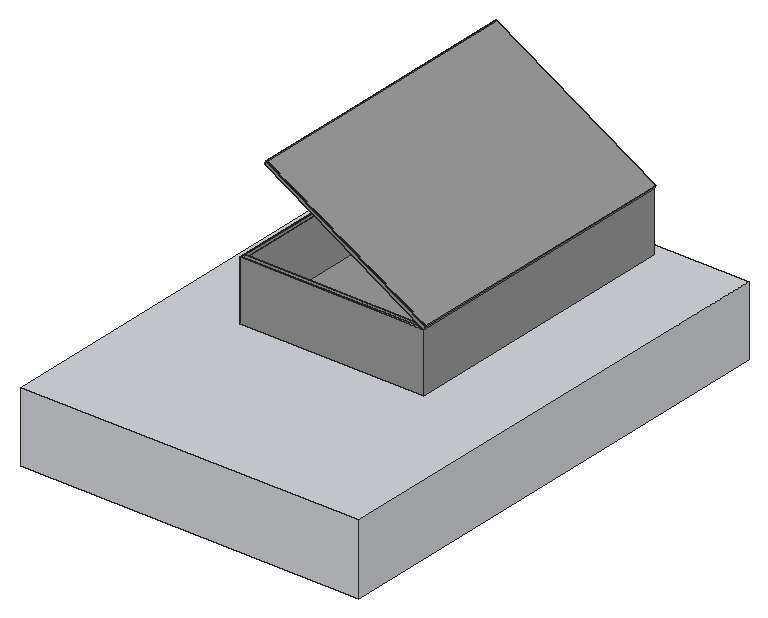
Revit family "Hager-Univers-IP55-D275-H1250-Cl.II-Steel_encl-BE-fr", category Equipement électrique, Revit 2020
Family settings
  Hôte = Face
  Configuration du panneau = Deux colonnes, circuits au sein
  Cote de connecteur circulaire = Utiliser le diamètre
  Type d'élément = Tableau de raccordement
  Couper avec des vides une fois chargée = Non
  Partagée = Non
  Point de calcul de pièce = Non
Parameters (values of type "saillie IP55 L800 H1250 P275  - FR83S")
  Width Control [instance] = if([EF000008 - largeur] > Min Width, [EF000008 - largeur], Min Width)  # 800 mm
  Commentaires du type = [HG000003 - Gamme]  # "Univers"
  Thickness Door [instance] = if([EF009171 - épaisseur de matériau de la porte/du couvercle] > 3 mm, 3 mm, [EF009171 - épaisseur de matériau de la porte/du couvercle])  # 1.5 mm
  Seal Frame Offset [instance] = 17 mm  # constant formula
  Plinth Visibility [instance] = [HG000027 - Hauteur du socle] > 0 mm  # no
  Model = ""
  Min Width [instance] = 100 mm  # constant formula
  Min Height [instance] = 100 mm  # constant formula
  Min Depth [instance] = (2 * [EF009170 - épaisseur de matériau du boîtier]) + 1 mm  # 4 mm
  Internal Frame Depth [instance] = (Door System Depth * 0.5)  # 9 mm
  Height Control [instance] = if([EF000040 - hauteur] > Min Height, [EF000040 - hauteur], Min Height)  # 1250 mm
  HG000027 - Hauteur du socle = 0 mm
  HG000026 - Installation au sol = no
  HG000024 - Hauteur de la section basse = 800 mm
  HG000023 - Armoire double section = no
  HG000016 - Visibilité de la porte 3D [instance] = yes
  HG000015 - Visibilité de l'emprise de la porte [instance] = no
  HG000014 - Porte à droite [instance] = yes
  HG000013 - Porte à gauche [instance] = not([HG000014 - Porte à droite])  # no
  HG000012 - Angle de pivotement de la porte [instance] = 30.00°
  HG000010 - Portes asymétriques = no
  HG000009 - Porte à double battant = no
  HG000006 - Encastré = no
  HG000004 - Référence fabricant = "FR83S"
  HG000003 - Gamme = "Univers"
  HG000002 - avec porte = yes
  Frame Offset Bottom [instance] = 10 mm  # constant formula
  Frame Offset [instance] = 15 mm  # constant formula
  EF015940 - couvercle avec décharge de pression = no
  EF011959 - degré de protection (NEMA) = ""
  EF009554 - nombre d'ouvertures pour plaques à bride = 6
  Fabricant = "Hager"  # constant formula
  EF009212 - finition du couvercle = "EV000116 - fermé"
  EF009171 - épaisseur de matériau de la porte/du couvercle = 1.5 mm
  EF009170 - épaisseur de matériau du boîtier = 1.5 mm
  EF008873 - courant nominal (In) = 800 A
  EF007800 - adapté à un parafoudre = no
  EF006306 - avec serrure = no
  EF006244 - couvercle/porte transparent(e) = no
  EF005474 - indice de protection (IP) = "EV006420 - IP55"
  EF004464 - type de porte = "EV002646 - unique"
  EF004427 - nombre de modules = 288
  EF004293 - indice de protection contre les chocs (IK) = "EV008784 - IK10"
  EF003532 - convient pour utilisation à l’extérieur = no
  EF002950 - largeur en nombre de modules = 24
  EF001613 - maintien de fonction = "EV000494 - sans"
  EF001596 - matériau du boîtier/corps = "EV000179 - acier"
  EF001131 - profondeur intérieure = 275 mm
  EF001088 - possibilité de montage en saillie = yes
  EF000437 - nombre d'entrées de conduit = 6
  EF000339 - type de capot = "EV004216 - porte"
  EF000266 - nombre de rangées = 8
  EF000218 - profondeur d'encastrement = 0 mm
  EF000118 - avec cadre/support de montage = no
  EF000116 - numéro RAL = "7035"
  EF000049 - profondeur = 275 mm
  EF000040 - hauteur = 1250 mm
  EF000008 - largeur = 800 mm
  EF000007 - couleur = "EV000270 - gris"
  EF000003 - mode de pose = "EV000384 - saillie"
  Door System Leaf Tolerance [instance] = 1.5 mm  # constant formula
  Door System Depth [instance] = 18 mm  # constant formula
  Door Height [instance] = Height Control - [HG000027 - Hauteur du socle]  # 1250 mm
  Depth Control [instance] = if([EF000049 - profondeur] > Min Depth, [EF000049 - profondeur], Min Depth)  # 275 mm
  Default Elevation = 0 mm
  Connector Offset [instance] = Height Control / 2  # 625 mm
  Bottom Top Plate Trim [instance] = 1.5 mm  # constant formula
  Plinth height Ctrl [instance] = if([HG000027 - Hauteur du socle] > 0 mm, [HG000027 - Hauteur du socle], 12 mm)  # 12 mm
Types (5, lengths in mm): name | Width Control | HG000010 - Portes asymétriques | HG000009 - Porte à double battant | HG000004 - Référence fabricant | EF009554 - nombre d'ouvertures pour plaques à bride | EF004464 - type de porte | EF004427 - nombre de modules | EF000437 - nombre d'entrées de conduit | EF000008 - largeur
  saillie IP55 L1050 H1250 P275  - FR84S | 1050 | no | yes | "FR84S" | 8 | "EV003602 - double" | 384 | 8 | 1050
  saillie IP55 L1300 H1250 P275  - FR85S | 1300 | yes | yes | "FR85S" | 10 | "EV003602 - double" | 480 | 10 | 1300
  saillie IP55 L300 H1250 P275  - FR81S | 300 | no | no | "FR81S" | 2 | "EV002646 - unique" | 96 | 2 | 300
  saillie IP55 L550 H1250 P275  - FR82S | 550 | no | no | "FR82S" | 4 | "EV002646 - unique" | 192 | 4 | 550
  saillie IP55 L800 H1250 P275  - FR83S | 800 | no | no | "FR83S" | 6 | "EV002646 - unique" | 288 | 6 | 800
Reference planes
  plane 1 "Center (Front/Back)": y = 0
  plane 2: z = 0
  plane 3 "Center (Left/Right)": x = 0
  plane 4: z = 275
  plane 5: y = 1.5
  plane 6: y = 625
  plane 7: y = 0
  plane 8: y = 1250
  plane 9: z = 0
  plane 10: x = -385
  plane 11: x = 385
  plane 12: x = 383.5
  plane 13: x = -383.5
  plane 14: y = 1248.5
  plane 15: x = -383
  plane 16: x = -400
  plane 17: x = 383
  plane 18: x = 400
  plane 19: x = 398.5
  plane 20: x = -398.5
  plane 21: y = 11.5
  plane 22: y = 1250
  plane 23: y = 1233.5
  plane 24: z = 257
  plane 25: z = 1.5
  plane 26: z = 255.5
  plane 27: z = 273.5
Forms (mm)
  Extrusion 1, solid
    sketch origin (0, 0, 0) x (1, 0, 0) y (0, 1, 0)
      loop
        line (-702.964, 1305) -> (-702.964, -811.445) -> (766.763, -811.445) -> (766.763, 1305) -> (-702.964, 1305)
    from 0 to -304.8
  Extrusion 2, solid, material "Hager_Steel_RAL7035_Light_Grey", visible <- "Plinth Visibility", detail levels medium+fine
    sketch origin (0, 0, 0) x (1, 0, 0) y (0, 1, 0)
      loop
        line (-400, 0) -> (400, 0) -> (400, 12) -> (-400, 12) -> (-400, 0)
    from 0 to 257
  Extrusion 3, solid, material "Hager_Steel_RAL7035_Light_Grey", detail levels medium+fine
    sketch origin (0, 0, 0) x (1, 0, 0) y (0, 1, 0)
      loop
        line (-400, 0) -> (400, 0) -> (400, 1250) -> (-400, 1250) -> (-400, 0)
    from 0 to 257
  Extrusion 4, void
    sketch origin (0, 0, 0) x (1, 0, 0) y (0, 1, 0)
      loop
        line (-398.5, 1.5) -> (398.5, 1.5) -> (398.5, 1248.5) -> (-398.5, 1248.5) -> (-398.5, 1.5)
    from 1.5 to 255.5
  Extrusion 5, void
    sketch origin (-381.607, -4572, 257) x (0, -1, 0) y (-1, 0, 0)
      loop
        line (-4583.5, 1.893) -> (-5805.5, 1.893) -> (-5805.5, -765.107) -> (-4583.5, -765.107) -> (-4583.5, 1.893)
    from 0 to 1.5 <- "EF009170 - épaisseur de matériau du boîtier"
  Extrusion 6, solid, material "Hager_Steel_RAL7035_Light_Grey", detail levels fine
    sketch origin (0, 0, 257) x (1, 0, 0) y (0, 1, 0)
      loop
        line (-383.5, 1233.5) -> (-383.5, 11.5) -> (383.5, 11.5) -> (383.5, 1233.5) -> (-383.5, 1233.5)
      loop
        line (-385, 10) -> (385, 10) -> (385, 1235) -> (-385, 1235) -> (-385, 10)
    from 0 to 9 <- "Internal Frame Depth"
  Extrusion 7, solid, material "Hager_Steel_RAL7035_Light_Grey", detail levels coarse
    sketch origin (0, 0, 0) x (1, 0, 0) y (0, 1, 0)
      loop
        line (-400, 0) -> (400, 0) -> (400, 1250) -> (-400, 1250) -> (-400, 0)
    from 0 to 275
  Sweep 8, void
    path in 3D
      loop
        line (-400, 12, 0) -> (400, 12, 0) -> (400, 12, 257) -> (-400, 12, 257) -> (-400, 12, 0)
    profile origin (-400, 12, 128.5) x (-1, 0, 0) y (0, -1, 0)
      loop
        line (0, 0) -> (0, 1.5) -> (-1.5, 1.5)
        arc (-1.5, 1.5) -> (-1.061, 0.439) -> (0, 0) r 1.5
Cuts and joins
  Extrusion 4, Extrusion 5 cuts Extrusion 3
  Sweep 8 cuts Extrusion 2
Lines and regions (mm)
  Masking region 1
    outline origin (0, 0, 0) x (1, 0, 0) y (0, 0, 1)
      loop
        line (-400, 275) -> (-400, 0) -> (400, 0) -> (400, 275) -> (-400, 275)
  Masking region 2, detail levels medium+fine
    outline origin (0, 140, 0) x (0, 1, 0) y (0, 0, 1)
      loop
        line (-140, 0) -> (1110, 0) -> (1110, 257) -> (-140, 257) -> (-140, 0)
  Masking region 3, not visible, detail levels medium+fine
    outline origin (0, 297.922, 0) x (0, 1, 0) y (0, 0, 1)
      loop
        line (338.578, 0) -> (378.578, 0) -> (378.578, 263.5)
        arc (378.578, 263.5) -> (375.649, 270.571) -> (368.578, 273.5) r 10
        line (368.578, 273.5) -> (338.578, 273.5) -> (338.578, 0)
  Masking region 4, detail levels coarse
    outline origin (0, 0, 180) x (0, 1, 0) y (0, 0, 1)
      loop
        line (0, -180) -> (1250, -180) -> (1250, 95) -> (0, 95) -> (0, -180)
  Masking region 5, visible <- "Plinth Visibility", detail levels medium+fine
    outline origin (0, 52.24, 12.345) x (0, 0, -1) y (0, 1, 0)
      loop
        line (10.845, -40.24) -> (-243.155, -40.24)
        arc (-243.155, -40.24) -> (-243.594, -41.301) -> (-244.655, -41.74) r 1.5
        line (-244.655, -41.74) -> (-244.655, -52.24) -> (12.345, -52.24) -> (12.345, -41.74)
        arc (12.345, -41.74) -> (11.285, -41.301) -> (10.845, -40.24) r 1.5
  Masking region 6, detail levels medium+fine
    outline origin (-381.607, -4572, 257) x (-1, 0, 0) y (0, -1, 0)
      loop
        line (18.393, -5822) -> (18.393, -4572) -> (-781.607, -4572) -> (-781.607, -5822) -> (18.393, -5822)
  Masking region 7, visible <- "Plinth Visibility", detail levels medium+fine
    outline origin (-381.607, -4727, 257) x (-1, 0, 0) y (0, -1, 0)
      loop
        arc (16.893, -4739) -> (17.332, -4737.939) -> (18.393, -4737.5) r 1.5
        line (18.393, -4737.5) -> (18.393, -4727) -> (-781.607, -4727) -> (-781.607, -4737.5)
        arc (-781.607, -4737.5) -> (-780.546, -4737.939) -> (-780.107, -4739) r 1.5
        line (-780.107, -4739) -> (16.893, -4739)
  Masking region 8, detail levels coarse
    outline origin (-442.548, -4669.526, 257) x (-1, 0, 0) y (0, -1, 0)
      loop
        line (-42.548, -5919.526) -> (-42.548, -4669.526) -> (-842.548, -4669.526) -> (-842.548, -5919.526) -> (-42.548, -5919.526)
  sketch lines
    curve 1: line (-400, 12, 257) -> (-400, 12, 0)
    curve 2: line (400, 12, 257) -> (-400, 12, 257)
    curve 3: line (400, 12, 257) -> (400, 12, 0)
    curve 4: line (-400, 12, 0) -> (400, 12, 0)
Dimensions and locks
  "Depth Control": plane 4 to Extrusion 1
  "HG000027 - Hauteur du socle": plane 1 "Center (Front/Back)" to plane 7
  "EF009170 - épaisseur de matériau du boîtier": plane 5 to plane 7
  locked: connector elem to plane 3 "Center (Left/Right)"
  equal spacing: plane 8, plane 6, plane 7
  locked: connector elem to plane 6
  "EF009170 - épaisseur de matériau du boîtier": plane 8 to plane 14
  "EF009170 - épaisseur de matériau du boîtier": plane 10 to plane 13
  "EF009170 - épaisseur de matériau du boîtier": plane 12 to plane 11
  "Frame Offset": plane 20 to plane 13
  "Frame Offset": plane 12 to plane 19
  "EF009170 - épaisseur de matériau du boîtier": plane 16 to plane 20
  "EF009170 - épaisseur de matériau du boîtier": plane 19 to plane 18
  "Seal Frame Offset": plane 16 to plane 15
  "Seal Frame Offset": plane 17 to plane 18
  "Frame Offset Bottom": plane 21 to plane 5
  "Frame Offset": plane 14 to plane 23
  equal spacing: plane 16, plane 3 "Center (Left/Right)", plane 18
  "Width Control": plane 16 to plane 18
  "EF009170 - épaisseur de matériau du boîtier": plane 4 to plane 27
  "EF009170 - épaisseur de matériau du boîtier": plane 24 to plane 26
  "EF009170 - épaisseur de matériau du boîtier": plane 25 to level
  "Door System Depth": plane 4 to plane 24
  "Height Control": plane 1 "Center (Front/Back)" to Extrusion 7 sketch curve
  "Height Control": Masking region 4 sketch curve to plane 1 "Center (Front/Back)"
  "Height Control": plane 1 "Center (Front/Back)" to plane 22
  "Bottom Top Plate Trim": profile plane to Sweep 8 sketch curve
  "Bottom Top Plate Trim": Sweep 8 sketch curve to profile plane
  "Plinth height Ctrl": plane 1 "Center (Front/Back)" to Extrusion 2 sketch curve
  "Plinth height Ctrl": Masking region 5 sketch curve to plane 1 "Center (Front/Back)"
  "Plinth height Ctrl": plane 1 "Center (Front/Back)" to Masking region 7 sketch curve
  "Thickness Door": Extrusion 6 sketch curve to Extrusion 6 sketch curve  (x3)
  "Thickness Door": cut or joined group of Extrusion 3, Extrusion 4, Extrusion 5 to Extrusion 6 sketch curve
  radius of Masking region 3 sketch curve = 10 mm
  "Bottom Top Plate Trim": radius of Masking region 5 sketch curve  (x2)
  "Bottom Top Plate Trim": radius of Sweep 8 sketch curve
  "Bottom Top Plate Trim": radius of Masking region 7 sketch curve  (x2)
  aligned and locked: plane 2 to Extrusion 1
  aligned and locked: level to Extrusion 1
  aligned and locked: level to Masking region 1 sketch curve
  aligned and locked: Masking region 1 sketch curve to plane 18
  aligned and locked: Masking region 1 sketch curve to plane 16
  aligned and locked: plane 7 to Masking region 2 sketch curve
  aligned and locked: level to Masking region 3 sketch curve
  aligned and locked: Masking region 3 sketch curve to plane 27
  aligned and locked: level to Masking region 2 sketch curve
  aligned and locked: plane 1 "Center (Front/Back)" to Extrusion 2 sketch curve
  aligned and locked: Extrusion 3 sketch curve to plane 7
  aligned and locked: plane 16 to Extrusion 3 sketch curve
  aligned and locked: plane 18 to Extrusion 3 sketch curve
  aligned and locked: plane 20 to Extrusion 4 sketch curve
  aligned and locked: plane 19 to Extrusion 4 sketch curve
  aligned and locked: Extrusion 4 sketch curve to plane 5
  aligned and locked: Extrusion 4 to plane 25
  aligned and locked: plane 26 to Extrusion 4
  aligned and locked: plane 24 to Extrusion 3
  aligned and locked: Extrusion 5 sketch curve to plane 21
  aligned and locked: Extrusion 5 sketch curve to plane 13
  aligned and locked: Extrusion 5 sketch curve to plane 12
  aligned and locked: plane 18 to Extrusion 7 sketch curve
  aligned and locked: plane 1 "Center (Front/Back)" to Extrusion 7 sketch curve
  aligned and locked: plane 16 to Extrusion 7 sketch curve
  aligned and locked: plane 4 to Extrusion 7
  aligned and locked: Extrusion 7 to level
  aligned and locked: level to Masking region 4 sketch curve
  aligned and locked: Masking region 4 sketch curve to plane 1 "Center (Front/Back)"
  aligned and locked: Masking region 4 sketch curve to plane 4
  aligned and locked: nested 1 to level
  aligned and locked: nested 1 to plane 16
  aligned and locked: plane 8 to Extrusion 3 sketch curve
  aligned and locked: plane 23 to Extrusion 5 sketch curve
  aligned and locked: plane 14 to Extrusion 4 sketch curve
  aligned and locked: Masking region 2 sketch curve to plane 8
  aligned and locked: level to Masking region 5 sketch curve
  aligned and locked: plane 16 to Extrusion 2 sketch curve
  aligned and locked: plane 18 to Extrusion 2 sketch curve
  aligned and locked: Masking region 5 sketch curve to plane 24
  aligned and locked: Masking region 2 sketch curve to plane 24
  aligned and locked: plane 24 to Extrusion 2
  aligned and locked: profile plane to Sweep 8 sketch curve  (x2)
  aligned and locked: Masking region 6 sketch curve to plane 18
  aligned and locked: Masking region 6 sketch curve to plane 22
  aligned and locked: Masking region 6 sketch curve to plane 16
  aligned and locked: plane 8 to plane 22
  aligned and locked: Masking region 6 sketch curve to plane 7
  aligned and locked: Masking region 7 sketch curve to plane 16
  aligned and locked: Masking region 7 sketch curve to plane 1 "Center (Front/Back)"
  aligned and locked: Masking region 7 sketch curve to plane 18
  aligned and locked: Masking region 8 sketch curve to plane 1 "Center (Front/Back)"
  aligned and locked: Masking region 8 sketch curve to plane 18
  aligned and locked: Masking region 8 sketch curve to plane 22
  aligned and locked: Masking region 8 sketch curve to plane 16
  aligned and locked: nested 2 to plane 7
  aligned and locked: plane 3 "Center (Left/Right)" to nested 2
  aligned and locked: nested 2 to plane 24
  aligned and locked: Extrusion 6 sketch curve to cut or joined group of Extrusion 3, Extrusion 4, Extrusion 5  (x4)
Automatic sketch dimensions
  Extrusion 1 sketch curve to Extrusion 1 sketch curve = 1469.727 mm
  Extrusion 1 sketch curve to Extrusion 1 sketch curve = 2116.445 mm
  Masking region 1 sketch curve to plane 4 = 0 mm
  plane 6 to Masking region 3 sketch curve = 11.5 mm
  Masking region 3 sketch curve to Masking region 3 sketch curve = 30 mm
  Masking region 5 sketch curve to plane 1 "Center (Front/Back)" = 0 mm
Nested families
  nested 1: "Hager_Enclosure_Symbol" at (-400, 0, 0) x (1, 0, 0) z (0, -1, 0), Height <- "Depth Control", Width <- "Width Control", type "Hager_Enclosure_Symbol"
    with Width_Ctrl 800 mm, Width 800 mm, Height_Ctrl 275 mm, Height 275 mm, A_Width_Int 18.047 mm, A_Width 216.562 mm, A_Height_Ctrl 240.625 mm, A_Height 240.625 mm
  nested 2: "EC000058_Univers_Door" at (0, 0, 257) x (1, 0, 0) z (0, 1, 0), Leaf_Tolerance <- "Door System Leaf Tolerance", Angle <- "HG000012 - Angle de pivotement de la porte", Door_Depth <- "Door System Depth", Door_Left <- "HG000013 - Porte à gauche", Transparent <- "EF006244 - couvercle/porte transparent(e)", Assymetrical <- "HG000010 - Portes asymétriques", Width <- "Width Control", Clearance <- "HG000015 - Visibilité de l'emprise de la porte", Double <- "HG000009 - Porte à double battant", 3d_Door <- "HG000016 - Visibilité de la porte 3D", Lock_Visibility <- "EF006306 - avec serrure", Width_Ctrl <- "Width Control", Door_Right <- "HG000014 - Porte à droite", Door <- "HG000002 - avec porte", Height <- "Door Height", Thickness <- "Thickness Door", type "EC000058_Univers_Door", detail levels medium+fine
    with min_wh 4 mm, Width_Ctrl 800 mm, Width 800 mm, Transparent no, Thickness 1.5 mm, Seal_Material Hager_Rubber, Lock_Visibility no, Lock_Material Hager_Plastic_RAL9005_Jet_Black, Leaf_Width 800 mm, Leaf_Tolerance_External_Sides 0 mm, Leaf_Tolerance 1.5 mm, Leaf_Offset 0 mm, Leaf_Height 1247 mm, Leaf_2_Width 800 mm, Leaf_2_Offset 400 mm, Leaf_1_Width 800 mm, Leaf_1_Offset 400 mm, Height_Ctrl 1250 mm, Height 1250 mm, Glass_Material Hager_Glass, Double_Clearance_Ctrl no, Double no, Door_Right_Ctrl yes, Door_Right yes, Door_Material Hager_Steel_RAL7035_Light_Grey, Door_Left_Ctrl no, Door_Left no, Door_Depth 18 mm, Door yes, Clearance_Material Hager_Clearance, Clearance_Depth 800 mm, Clearance_Ctrl no, Clearance no, Assymetrical no, Angle 30.00°, 3d_Door yes
Connectors
  electrical at (0, 625, 0)
    settings: on plane 9, index 1, voltage 0 V, apparent load 0 VA, apparent load phase1 0 VA, apparent load phase2 0 VA, apparent load phase3 0 VA, power factor 1, load classification "Other", number of poles 1, system type 30, power factor state 1, is connector primary yes, connector utility no, sub classification motor no, connector description ""
Definition of nested family "EC000058_Univers_Door"
  Parameters (values of type "EC000058_Univers_Door")
    min_wh [instance] = (2 * Thickness) + 1 mm  # 11 mm
    Width_Ctrl [instance] = 400 mm
    Width [instance] = 500 mm
    Transparent [instance] = yes
    Thickness [instance] = 5 mm
    Seal_Material [instance] = none
    Lock_Visibility [instance] = yes
    Lock_Material [instance] = none
    Leaf_Width [instance] = if((Width_Ctrl - 2 * Leaf_Tolerance_External_Sides) > 0 mm, (Width_Ctrl - 2 * Leaf_Tolerance_External_Sides), min_wh)  # 400 mm
    Leaf_Tolerance_External_Sides [instance] = 0 mm  # constant formula
    Leaf_Tolerance [instance] = 1.5 mm
    Leaf_Offset [instance] = 0 mm  # constant formula
    Leaf_Height [instance] = if((Height_Ctrl - 2 * Leaf_Tolerance) > 0 mm, (Height_Ctrl - 2 * Leaf_Tolerance), min_wh)  # 497 mm
    Leaf_2_Width [instance] = if(and(and(Double, Assymetrical), Door_Left), (Leaf_Width / 3) - (Leaf_Tolerance / 2), if(and(and(Double, Assymetrical), Door_Right), (Leaf_Width / 3) * 2 - (Leaf_Tolerance / 2), if(and(Double, not(Assymetrical)), (Leaf_Width / 2) - Leaf_Tolerance, Leaf_Width)))  # 400 mm
    Leaf_2_Offset [instance] = if(and(Double, Assymetrical), Leaf_2_Width / 2, if(and(Double, not(Assymetrical)), Leaf_Width / 4, Leaf_Width / 2))  # 200 mm
    Leaf_1_Width [instance] = if(and(and(Double, Assymetrical), Door_Right), (Leaf_Width / 3) - (Leaf_Tolerance / 2), if(and(and(Double, Assymetrical), Door_Left), (Width / 3) * 2 - (Leaf_Tolerance / 2), if(and(Double, not(Assymetrical)), (Leaf_Width / 2) - Leaf_Tolerance, Leaf_Width)))  # 400 mm
    Leaf_1_Offset [instance] = if(and(Double, Assymetrical), Leaf_1_Width / 2, if(and(Double, not(Assymetrical)), Leaf_Width / 4, Leaf_Width / 2))  # 200 mm
    Height_Ctrl [instance] = if(Height > min_wh, Height, min_wh)  # 500 mm
    Height [instance] = 500 mm
    Glass_Material [instance] = none
    Double_Clearance_Ctrl [instance] = and(Double, Clearance)  # no
    Double [instance] = no
    Door_Right_Ctrl [instance] = and(or(Door_Right, Double), Door)  # yes
    Door_Right [instance] = yes
    Door_Material [instance] = none
    Door_Left_Ctrl [instance] = and(or(Door_Left, Double), Door)  # no
    Door_Left [instance] = no
    Door_Depth [instance] = 30 mm
    Door [instance] = yes
    Default Elevation = 1219.2 mm
    Clearance_Material [instance] = none
    Clearance_Depth [instance] = if(Leaf_1_Width > Leaf_2_Width, Leaf_1_Width, Leaf_2_Width)  # 400 mm
    Clearance_Ctrl [instance] = and(not(Double), Clearance)  # yes
    Clearance [instance] = yes
    Assymetrical [instance] = yes
    Angle [instance] = 30.00°
    3d_Door [instance] = yes
  Reference planes
    plane 1 "Center (Front/Back)": y = 0
    plane 2 "Bottom": z = 0
    plane 3 "Center (Left/Right)": x = 0
    plane 4: z = 500
    plane 5: x = -200
    plane 6: x = 200
    plane 7: z = 500
    plane 8: x = -200
    plane 9: z = 0
    plane 10: x = 200
    plane 11: y = 0
    plane 12: z = 1.5
    plane 13: x = -600
    plane 14: y = -400
    plane 15: x = 600
    plane 16: x = 0
    plane 17: x = 0
    plane 18: x = -200
    plane 19: x = 200
    plane 20: z = 498.5
  Forms (mm)
    Extrusion 1, solid, material <- "Clearance_Material", visible <- "Double_Clearance_Ctrl"
      sketch origin (1200, 0, 0) x (1, 0, 0) y (0, 0, -1)
        loop
          line (-1800, -498.5) -> (-600, -498.5) -> (-600, 0) -> (-1800, 0) -> (-1800, -498.5)
      from 0 to -400
  Dimensions and locks
    equal spacing: plane 5, plane 3 "Center (Left/Right)", plane 6
    "Width_Ctrl": plane 5 to plane 6
    "Leaf_Offset": plane 5 to plane 8
    "Leaf_Offset": plane 6 to plane 10
    "Leaf_Offset": plane 9 to level
    "Leaf_Offset": plane 4 to plane 7
    "Height_Ctrl": plane 4 to level
    "Leaf_Tolerance": plane 12 to plane 9
    locked: plane 11 to plane 1 "Center (Front/Back)"
    "Leaf_1_Offset": plane 18 to plane 16
    "Leaf_2_Offset": plane 17 to plane 19
    "Leaf_1_Width": plane 13 to plane 8
    "Leaf_2_Width": plane 10 to plane 15
    "Clearance_Depth": plane 14 to plane 1 "Center (Front/Back)"
    "Leaf_Tolerance_External_Sides": plane 8 to plane 18
    "Leaf_Tolerance_External_Sides": plane 19 to plane 10
    "Leaf_Tolerance": plane 7 to plane 20
    aligned and locked: level to plane 2 "Bottom"
    aligned and locked: nested 1 to plane 16
    aligned and locked: nested 2 to plane 17
    aligned and locked: Extrusion 1 to plane 13
    aligned and locked: plane 15 to Extrusion 1
    aligned and locked: Extrusion 1 to plane 14
    aligned and locked: plane 12 to nested 1
    aligned and locked: nested 2 to plane 12
    aligned and locked: Extrusion 1 to plane 11
    aligned and locked: plane 20 to Extrusion 1
    aligned and locked: nested 2 to plane 11
    aligned and locked: nested 1 to plane 11
  Automatic sketch dimensions
    Extrusion 1 sketch curve to level = 0 mm
    plane 5 to Extrusion 1 sketch curve = 400 mm
    plane 6 to Extrusion 1 sketch curve = 400 mm
    Extrusion 1 sketch curve to plane 4 = 1.5 mm
  Nested families
    nested 1: "EC000058_Univers_Door_Leaf" at (0, 0, 1.5), Width <- "Leaf_1_Width", visible <- "Door_Left_Ctrl", Leaf_Height <- "Leaf_Height", Angle <- "Angle", 3d_Door <- "3d_Door", Transparent <- "Transparent", Clearance Material <- "Clearance_Material", Clearance <- "Clearance_Ctrl", Door_Material <- "Door_Material", Glass_Material <- "Glass_Material", Door_Depth <- "Door_Depth", Lock_Material <- "Lock_Material", Seal_Material <- "Seal_Material", Lock_Visibility <- "Lock_Visibility", Thickness <- "Thickness", type "EC000058_Univers_Door_Leaf"
      with Width 400 mm, Transparent_Glass_Offset 30 mm, Transparent_Ctrl yes, Transparent yes, Thickness 5 mm, Standard no, Seal_Material none, Seal_D2 8 mm, Seal_D1 1 mm, Offset_Internal_Frame 10 mm, Lock_Width 20 mm, Lock_Visibility_3d yes, Lock_Visibility yes, Lock_Thickness_3 3 mm, Lock_Thickness_2 1 mm, Lock_Thickness_1 3 mm, Lock_Radius_Offset_2 16 mm, Lock_Radius_Offset_1 15 mm, Lock_Radius_2 5 mm, Lock_Radius 6 mm, Lock_Offset 5 mm, Lock_Material none, Lock_Height 80 mm, Lock_Cover_Top_Offset_2d 17 mm, Lock_Cover_Height -65 mm, Leaf_Height 497 mm, Internal_Seal_Thickness 8 mm, Internal_Seal_Depth_2 4.5 mm, Internal_Frame_Depth 25 mm, Glass_Thickness -1 mm, Glass_Offset -2 mm, Glass_Material none, Door_Material none, Door_Depth 30 mm, Clearance Material none, Clearance yes, Angle_Ctrl 30.00°, Angle 30.00°, 3d_Door yes
    nested 2: "EC000058_Univers_Door_Leaf" at (0, 0, 1.5) x (-1, 0, 0) z (0, 0, 1), Width <- "Leaf_2_Width", visible <- "Door_Right_Ctrl", Leaf_Height <- "Leaf_Height", Angle <- "Angle", 3d_Door <- "3d_Door", Transparent <- "Transparent", Clearance Material <- "Clearance_Material", Clearance <- "Clearance_Ctrl", Door_Material <- "Door_Material", Glass_Material <- "Glass_Material", Door_Depth <- "Door_Depth", Lock_Material <- "Lock_Material", Seal_Material <- "Seal_Material", Lock_Visibility <- "Lock_Visibility", Thickness <- "Thickness", type "EC000058_Univers_Door_Leaf"
      with Width 400 mm, Transparent_Glass_Offset 30 mm, Transparent_Ctrl yes, Transparent yes, Thickness 5 mm, Standard no, Seal_Material none, Seal_D2 8 mm, Seal_D1 1 mm, Offset_Internal_Frame 10 mm, Lock_Width 20 mm, Lock_Visibility_3d yes, Lock_Visibility yes, Lock_Thickness_3 3 mm, Lock_Thickness_2 1 mm, Lock_Thickness_1 3 mm, Lock_Radius_Offset_2 16 mm, Lock_Radius_Offset_1 15 mm, Lock_Radius_2 5 mm, Lock_Radius 6 mm, Lock_Offset 5 mm, Lock_Material none, Lock_Height 80 mm, Lock_Cover_Top_Offset_2d 17 mm, Lock_Cover_Height -65 mm, Leaf_Height 497 mm, Internal_Seal_Thickness 8 mm, Internal_Seal_Depth_2 4.5 mm, Internal_Frame_Depth 25 mm, Glass_Thickness -1 mm, Glass_Offset -2 mm, Glass_Material none, Door_Material none, Door_Depth 30 mm, Clearance Material none, Clearance yes, Angle_Ctrl 30.00°, Angle 30.00°, 3d_Door yes
  Definition of nested family "EC000058_Univers_Door_Leaf"
    Parameters (values of type "EC000058_Univers_Door_Leaf")
      Width [instance] = 2000 mm
      Transparent_Glass_Offset [instance] = 30 mm
      Transparent_Ctrl [instance] = and(Transparent, [3d_Door])  # yes
      Transparent [instance] = yes
      Thickness [instance] = 5 mm
      Standard [instance] = and(not(Transparent), [3d_Door])  # no
      Seal_Material [instance] = none
      Seal_D2 [instance] = 8 mm  # constant formula
      Seal_D1 [instance] = 1 mm  # constant formula
      Offset_Internal_Frame [instance] = 10 mm  # constant formula
      Lock_Width [instance] = 20 mm  # constant formula
      Lock_Visibility_3d [instance] = and(Lock_Visibility, [3d_Door])  # yes
      Lock_Visibility [instance] = yes
      Lock_Thickness_3 [instance] = 3 mm  # constant formula
      Lock_Thickness_2 [instance] = 1 mm  # constant formula
      Lock_Thickness_1 [instance] = 3 mm  # constant formula
      Lock_Radius_Offset_2 [instance] = Lock_Radius_Offset_1 + 1 mm  # 16 mm
      Lock_Radius_Offset_1 [instance] = 15 mm  # constant formula
      Lock_Radius_2 [instance] = Lock_Radius - 1 mm  # 5 mm
      Lock_Radius [instance] = 6 mm  # constant formula
      Lock_Offset [instance] = 5 mm  # constant formula
      Lock_Material [instance] = none
      Lock_Height [instance] = 80 mm  # constant formula
      Lock_Cover_Top_Offset_2d [instance] = Lock_Radius_Offset_2 + 1 mm  # 17 mm
      Lock_Cover_Height [instance] = -(Lock_Height - Lock_Radius_Offset_1)  # -65 mm
      Leaf_Height [instance] = 2720.336 mm
      Internal_Seal_Thickness [instance] = 8 mm  # constant formula
      Internal_Seal_Depth_2 [instance] = 4.5 mm  # constant formula
      Internal_Frame_Depth [instance] = if(Door_Depth - Thickness > 5 mm, Door_Depth - Thickness, 5 mm)  # 25 mm
      Glass_Thickness [instance] = if(Thickness > 15 mm, Glass_Offset + 10 mm, -1 mm)  # -1 mm
      Glass_Offset [instance] = if(Thickness > 15 mm, -(Thickness + 10 mm) / 2, -2 mm)  # -2 mm
      Glass_Material [instance] = none
      Door_Material [instance] = none
      Door_Depth [instance] = 30 mm
      Default Elevation = 0 mm
      Clearance Material [instance] = none
      Clearance [instance] = yes
      Angle_Ctrl [instance] = if(Angle > 180.00°, 180.00°, Angle)  # 90.00°
      Angle [instance] = 90.00°
      3d_Door [instance] = yes
    Reference planes
      plane 1 "Center (Front/Back)": y = 0
      plane 2: z = 0
      plane 3 "Center (Left/Right)": x = 0
      plane 4: y = 2000
      plane 5: x = -1000
      plane 6: x = 1000
      plane 7: x = -3000
      plane 8: z = 2720.336
      plane 9: z = 30
      plane 10: z = 2690.336
      plane 11: x = 970
      plane 12: x = -970
      plane 13: y = -3
      plane 14: z = 107.833
      plane 15: y = -5
      plane 16: y = -223.314
      plane 17: x = -1000
      plane 18: z = 1360.168
      plane 19: y = 30
    Forms (mm)
      Extrusion 1, solid, material <- "Clearance Material", visible <- "Clearance"
        sketch origin (0, 0, 0) x (1, 0, 0) y (0, 0, 1)
          loop
            line (-3000, 2720.336) -> (-3000, 0) -> (1000, 0) -> (1000, 2720.336) -> (-3000, 2720.336)
        from 0 to -2000
      Extrusion 2, solid, material <- "Door_Material", visible <- "Standard", detail levels medium+fine
        sketch origin (-1000, 0, 0) x (0, 1, 0) y (-1, 0, 0)
          loop
            line (0, 30) -> (0, 25) -> (2000, 25) -> (2000, 30) -> (0, 30)
        from 0 to 2720.336 <- "Leaf_Height"
      Extrusion 3, solid, material <- "Door_Material", visible <- "Transparent_Ctrl", detail levels medium+fine
        sketch origin (-1000, 0, 0) x (0, 1, 0) y (-1, 0, 0)
          loop
            line (0, 25) -> (2000, 25) -> (2000, 30) -> (0, 30) -> (0, 25)
        from 0 to 2720.336 <- "Leaf_Height"
      Extrusion 4, void
        sketch origin (-1025, 2000, 0) x (0, 1, 0) y (0, 0, -1)
          loop
            line (-30, -2690.336) -> (-30, -30) -> (-1970, -30) -> (-1970, -2690.336) -> (-30, -2690.336)
        from 0 to 5 <- "Thickness"
      Sweep 5, solid, material <- "Seal_Material", visible <- "Transparent_Ctrl", detail levels fine
        path in 3D
          loop
            line (-1025, 30, 30) -> (-1025, 30, 2690.336) -> (-1025, 1970, 2690.336) -> (-1025, 1970, 30) -> (-1025, 30, 30)
        profile origin (-1025, 1000, 30) x (1, 0, 0) y (0, 0, 1)
          loop
            line (0, 0) -> (0, -8) -> (1, -8) -> (1, 0) -> (0, 0)
      Extrusion 6, solid, material <- "Glass_Material", visible <- "Transparent_Ctrl", detail levels medium+fine
        sketch origin (-1030, 0, 0) x (0, 1, 0) y (0, 0, -1)
          loop
            line (1970, -2690.336) -> (1970, -30) -> (30, -30) -> (30, -2690.336) -> (1970, -2690.336)
        from -2 <- "Glass_Offset" to -1 <- "Glass_Thickness"
      Extrusion 7, solid, material <- "Door_Material", visible <- "3d_Door", detail levels medium+fine
        sketch origin (-1025, 2000, 0) x (0, -1, 0) y (0, 0, -1)
          loop
            line (0, -2720.336) -> (2000, -2720.336) -> (2000, 0) -> (0, 0) -> (0, -2720.336)
          loop
            line (1995, -5) -> (5, -5) -> (5, -2715.336) -> (1995, -2715.336) -> (1995, -5)
        from 0 to 25 <- "Internal_Frame_Depth"
      Sweep 8, solid, material <- "Seal_Material", visible <- "Transparent_Ctrl", detail levels fine
        path in 3D
          loop
            line (-1025, 0, 0) -> (-1025, 2000, 0) -> (-1025, 2000, 2720.336) -> (-1025, 0, 2720.336) -> (-1025, 0, 0)
        profile origin (-1025, 0, 1360.168) x (1, 0, 0) y (0, 1, 0)
          loop
            line (0, 10) -> (2.975, 10)
            arc (2.975, 10) -> (4.053, 10.447) -> (4.5, 11.525) r 1.525
            line (4.5, 11.525) -> (4.5, 16.527)
            arc (4.5, 16.527) -> (4.069, 17.569) -> (3.027, 18) r 1.473
            line (3.027, 18) -> (0, 18) -> (0, 10)
      Extrusion 9, solid, material <- "Lock_Material", visible <- "Lock_Visibility_3d", detail levels fine
        sketch origin (-1030, 0, 0) x (0, 1, 0) y (0, 0, -1)
          loop
            arc (1993.5, -1400.168) -> (1994.561, -1399.729) -> (1995, -1398.668) r 1.5
            line (1995, -1398.668) -> (1995, -1320.168) -> (1975, -1320.168) -> (1975, -1398.668)
            arc (1975, -1398.668) -> (1975.439, -1399.729) -> (1976.5, -1400.168) r 1.5
            line (1976.5, -1400.168) -> (1993.5, -1400.168)
        from 3 <- "Lock_Thickness_1" to 0
      Blend 10, solid, material <- "Lock_Material", visible <- "Lock_Visibility_3d", detail levels fine
        base sketch origin (-1033, 0, 0) x (0, 1, 0) y (0, 0, -1)
          loop
            line (1975, -1320.168) -> (1975, -1398.668)
            arc (1975, -1398.668) -> (1975.439, -1399.729) -> (1976.5, -1400.168) r 1.5
            line (1976.5, -1400.168) -> (1993.5, -1400.168)
            arc (1993.5, -1400.168) -> (1994.561, -1399.729) -> (1995, -1398.668) r 1.5
            line (1995, -1398.668) -> (1995, -1320.168) -> (1975, -1320.168)
        top sketch origin (-1033, 0, 0) x (0, 1, 0) y (0, 0, -1)
          loop
            line (1976, -1320.168) -> (1976, -1398.668)
            arc (1976, -1398.668) -> (1976.146, -1399.022) -> (1976.5, -1399.168) r 0.5
            line (1976.5, -1399.168) -> (1993.5, -1399.168)
            arc (1993.5, -1399.168) -> (1993.854, -1399.022) -> (1994, -1398.668) r 0.5
            line (1994, -1398.668) -> (1994, -1320.168) -> (1976, -1320.168)
        from 0 to 1 <- "Lock_Thickness_2"
      Blend 11, solid, material <- "Lock_Material", visible <- "Lock_Visibility_3d", detail levels fine
        base sketch origin (-1034, 0, 0) x (0, 1, 0) y (0, 0, -1)
          loop
            line (1978, -1320.168) -> (1978, -1384.168)
            arc (1978, -1384.168) -> (1985, -1391.168) -> (1992, -1384.168) r 7
            line (1992, -1384.168) -> (1992, -1320.168) -> (1978, -1320.168)
        top sketch origin (-1034, 0, 0) x (0, 1, 0) y (0, 0, -1)
          loop
            line (1991, -1320.168) -> (1979, -1320.168) -> (1979, -1383.168)
            arc (1979, -1383.168) -> (1985, -1389.168) -> (1991, -1383.168) r 6
            line (1991, -1383.168) -> (1991, -1320.168)
        from 0 to 3 <- "Lock_Thickness_3"
      Extrusion 12, solid, material <- "Lock_Material", visible <- "Lock_Visibility_3d", detail levels fine
        sketch origin (-1030, 1975, 1320.168) x (1, 0, 0) y (0, -1, 0)
          loop
            line (-7, -19) -> (-7, -1) -> (0, -1) -> (0, 0) -> (-8, 0) -> (-8, -20) -> (0, -20) -> (0, -19) -> (-7, -19)
        from 0 to -65 <- "Lock_Cover_Height"
      Extrusion 13, void
        sketch origin (-1038, 1995, 1320.168) x (-1, 0, 0) y (0, 0, -1)
          loop
            line (-5, -65) -> (0, -65) -> (-5, -60) -> (-5, -65)
        from 0 to 20 <- "Lock_Width"
      Extrusion 14, void
        sketch origin (-1038, 1975, 1320.168) x (0, -1, 0) y (0, 0, -1)
          loop
            circle (-10, -15.995) r 6
          loop
            circle (-10, -15.995) r 5
        from 0 to 2
      Extrusion 15, solid, material <- "Lock_Material", visible <- "Lock_Visibility_3d", detail levels medium
        sketch origin (-1030, 0, 0) x (0, 1, 0) y (0, 0, -1)
          loop
            arc (1993.5, -1400.168) -> (1994.561, -1399.729) -> (1995, -1398.668) r 1.5
            line (1995, -1398.668) -> (1995, -1320.168) -> (1975, -1320.168) -> (1975, -1398.668)
            arc (1975, -1398.668) -> (1975.439, -1399.729) -> (1976.5, -1400.168) r 1.5
            line (1976.5, -1400.168) -> (1993.5, -1400.168)
        from 8 to 0
    Cuts and joins
      Extrusion 4 cuts Extrusion 3
      Extrusion 13, Extrusion 14 cuts Extrusion 9
      Extrusion 14 cuts Blend 11
      Extrusion 13, Extrusion 14 cuts Extrusion 12
      joined: Extrusion 9, Blend 10, Blend 11, Extrusion 12
      Extrusion 14 cuts Extrusion 15
    Lines and regions (mm)
      Masking region 1, visible <- "Lock_Visibility", detail levels fine
        outline origin (0, 0, 0) x (0, 1, 0) y (0, 0, 1)
          loop
            line (30, 1320.168) -> (33, 1320.168) -> (33, 1400.168) -> (30, 1400.168) -> (30, 1320.168)
      Masking region 2, visible <- "Lock_Visibility", detail levels fine
        outline origin (0, 3.143, 0) x (0, 1, 0) y (0, 0, 1)
          loop
            line (29.857, 1354.168) -> (30.857, 1354.168) -> (30.857, 1366.168) -> (29.857, 1366.168) -> (29.857, 1354.168)
      Masking region 3, detail levels medium+fine
        outline origin (0, 0, 0) x (0, 1, 0) y (0, 0, 1)
          loop
            line (0, 0) -> (30, 0) -> (30, 2720.336) -> (0, 2720.336) -> (0, 0)
      Masking region 4, detail levels medium+fine
        outline origin (0, 0, 0) x (1, 0, 0) y (0, 0, 1)
          loop
            line (-1000, 2720.336) -> (-1000, 0) -> (1000, 0) -> (1000, 2720.336) -> (-1000, 2720.336)
      Masking region 5, visible <- "Lock_Visibility", detail levels fine
        outline origin (-47.116, 0, 0) x (1, 0, 0) y (0, 0, 1)
          loop
            arc (1024.616, 1399.168) -> (1023.556, 1398.729) -> (1023.116, 1397.668) r 1.5
            line (1023.116, 1397.668) -> (1023.116, 1320.168) -> (1041.116, 1320.168) -> (1041.116, 1397.668)
            arc (1041.116, 1397.668) -> (1040.677, 1398.729) -> (1039.616, 1399.168) r 1.5
            line (1039.616, 1399.168) -> (1024.616, 1399.168)
      Masking region 6, visible <- "Lock_Visibility", detail levels medium+fine
        outline origin (-25, 0, 0) x (1, 0, 0) y (0, 0, 1)
          loop
            arc (1001.5, 1400.168) -> (1000.439, 1399.729) -> (1000, 1398.668) r 1.5
            line (1000, 1398.668) -> (1000, 1320.168) -> (1020, 1320.168) -> (1020, 1398.668)
            arc (1020, 1398.668) -> (1019.561, 1399.729) -> (1018.5, 1400.168) r 1.5
            line (1018.5, 1400.168) -> (1001.5, 1400.168)
      Masking region 7, visible <- "Lock_Visibility", detail levels fine
        outline origin (-73.735, 0, 0) x (1, 0, 0) y (0, 0, 1)
          loop
            line (1051.735, 1382.168) -> (1065.735, 1382.168) -> (1065.735, 1384.168)
            arc (1065.735, 1384.168) -> (1058.735, 1391.168) -> (1051.735, 1384.168) r 7
            line (1051.735, 1384.168) -> (1051.735, 1382.168)
      Masking region 8, visible <- "Lock_Visibility", detail levels fine
        outline origin (-73.735, 0, 0) x (1, 0, 0) y (0, 0, 1)
          loop
            line (1052.735, 1382.168) -> (1064.735, 1382.168) -> (1064.735, 1383.168)
            arc (1064.735, 1383.168) -> (1058.735, 1389.168) -> (1052.735, 1383.168) r 6
            line (1052.735, 1383.168) -> (1052.735, 1382.168)
      Masking region 9, visible <- "Lock_Visibility", detail levels fine
        outline origin (-25, 0, 0) x (1, 0, 0) y (0, 0, 1)
          loop
            line (1020, 1320.168) -> (1020, 1382.168) -> (1000, 1382.168) -> (1000, 1320.168) -> (1020, 1320.168)
      Masking region 10, detail levels medium+fine
        outline origin (0, 0, 0) x (1, 0, 0) y (0, 0, 1)
          loop
            circle (985, 1335.144) r 6
      Masking region 11, detail levels fine
        outline origin (0, 0, 0) x (1, 0, 0) y (0, 0, 1)
          loop
            circle (985, 1335.144) r 5
      Masking region 12, visible <- "Lock_Visibility", detail levels fine
        outline origin (0, 12.767, 0) x (0, 1, 0) y (0, 0, 1)
          loop
            line (20.233, 1320.168) -> (21.233, 1320.168) -> (21.233, 1399.168) -> (20.233, 1400.168) -> (20.233, 1320.168)
      Masking region 13, visible <- "Lock_Visibility", detail levels fine
        outline origin (0, 13.767, -10) x (0, 1, 0) y (0, 0, 1)
          loop
            line (20.233, 1330.168) -> (23.233, 1330.168) -> (23.233, 1399.168) -> (20.233, 1402.168) -> (20.233, 1330.168)
      Masking region 14, visible <- "Lock_Visibility", detail levels fine
        outline origin (0, 12.767, -10) x (0, 1, 0) y (0, 0, 1)
          loop
            line (20.233, 1330.168) -> (25.233, 1330.168) -> (25.233, 1399.305) -> (20.233, 1394.305) -> (20.233, 1330.168)
      Masking region 15, visible <- "Lock_Visibility", detail levels medium
        outline origin (0, 0, 0) x (0, 1, 0) y (0, 0, 1)
          loop
            line (30, 1320.168) -> (38, 1320.168) -> (38, 1400.168) -> (30, 1400.168) -> (30, 1320.168)
      Masking region 16, visible <- "Lock_Visibility", detail levels fine
        outline origin (-1000, 0, 0) x (0, 1, 0) y (-1, 0, 0)
          loop
            line (1975, 30) -> (1995, 30) -> (1995, 38) -> (1975, 38) -> (1975, 30)
          loop
            line (1979, 37) -> (1976, 37) -> (1976, 34) -> (1978, 34) -> (1979, 37)
          loop
            line (1994, 37) -> (1991, 37) -> (1992, 34) -> (1994, 34) -> (1994, 37)
      Masking region 17, visible <- "Lock_Visibility", detail levels medium
        outline origin (-1000, 0, 0) x (0, 1, 0) y (-1, 0, 0)
          loop
            line (1975, 30) -> (1995, 30) -> (1995, 38) -> (1975, 38) -> (1975, 30)
      symbolic lines
        curve 1: line (1000, 0, 0) -> (-3000, 0, 0)
        curve 2: arc (1000, 0, 0) -> (-1000, 2000, 0) -> (-3000, 0, 0) r 2000
        curve 4: line (-1030, 0, 0) -> (-1030, 2000, 0)
      reference lines
        curve 3: line (-1000, 0, 0) -> (-1000, 2000, 0)
      symbolic lines, detail levels medium+fine
        curve 5: line (-1030, 2000, 0) -> (-1025, 2000, 0)
        curve 7: line (-1025, 0, 0) -> (-1030, 0, 0)
        curve 8: line (-1025, 0, 0) -> (-1000, 0, 0)
        curve 9: line (-1000, 0, 0) -> (-1000, 2000, 0)
        curve 10: line (-1000, 2000, 0) -> (-1025, 2000, 0)
      symbolic lines, detail levels fine
        curve 6: line (-1025, 2000, 0) -> (-1025, 0, 0)
      sketch lines
        curve 11: line (-1025, 0, 2720.336) -> (-1025, 0, 0)
        curve 12: line (-1025, 2000, 0) -> (-1025, 0, 0)
        curve 13: line (-1025, 2000, 2720.336) -> (-1025, 2000, 0)
        curve 14: line (-1025, 0, 2720.336) -> (-1025, 2000, 2720.336)
        curve 15: line (-1025, 1970, 30) -> (-1025, 30, 30)
        curve 16: line (-1025, 30, 30) -> (-1025, 30, 2690.336)
        curve 17: line (-1025, 1970, 2690.336) -> (-1025, 1970, 30)
        curve 18: line (-1025, 30, 2690.336) -> (-1025, 1970, 2690.336)
      symbolic lines, visible <- "Transparent", detail levels medium+fine
        curve 19: line (-970, 0, 2690.336) -> (970, 0, 2690.336)
        curve 20: line (-970, 0, 30) -> (-970, 0, 2690.336)
        curve 21: line (970, 0, 30) -> (-970, 0, 30)
        curve 22: line (970, 0, 2690.336) -> (970, 0, 30)
    Dimensions and locks
      "Width": plane 1 "Center (Front/Back)" to plane 4
      equal spacing: plane 5, plane 3 "Center (Left/Right)", plane 6
      "Width": plane 5 to plane 6
      "Width": plane 7 to plane 5
      "Leaf_Height": plane 8 to level
      "Width": curve 5 to curve 3
      "Width": curve 3 to curve 3
      plane 8 to plane 10 = 30 mm
      plane 9 to level = 30 mm
      plane 12 to plane 5 = 30 mm
      plane 6 to plane 11 = 30 mm
      Extrusion 1 to Extrusion 4 sketch curve = 30 mm
      "Transparent_Glass_Offset": curve 3 to Extrusion 4 sketch curve
      "Transparent_Glass_Offset": Extrusion 4 sketch curve to cut or joined group of Extrusion 3, Extrusion 4  (x2)
      cut or joined group of Extrusion 3, Extrusion 4 to Extrusion 6 sketch curve = 30 mm
      "Transparent_Glass_Offset": cut or joined group of Extrusion 3, Extrusion 4 to Extrusion 4 sketch curve
      "Thickness": curve 6 to curve 4
      "Thickness": Extrusion 7 sketch curve to Extrusion 7 sketch curve  (x4)
      "Door_Depth": curve 4 to curve 3
      "Offset_Internal_Frame": profile plane to Sweep 8 sketch curve
      "Internal_Seal_Thickness": Sweep 8 sketch curve to Sweep 8 sketch curve
      "Internal_Seal_Depth_2": profile plane to Sweep 8 sketch curve
      "Seal_D1": profile plane to Sweep 5 sketch curve
      "Seal_D2": profile plane to Sweep 5 sketch curve
      "Thickness": Extrusion 2 sketch curve to Extrusion 2 sketch curve
      equal spacing: Extrusion 9 sketch curve, plane 18, Extrusion 9 sketch curve  (x2)
      equal spacing: Masking region 1 sketch curve, plane 18, Masking region 1 sketch curve
      "Lock_Height": Masking region 1 sketch curve to Masking region 1 sketch curve
      "Lock_Radius": Masking region 2 sketch curve to plane 18 to Masking region 2 sketch curve
      Masking region 2 sketch curve to Masking region 1 = 1 mm
      "Door_Depth": plane 19 to plane 1 "Center (Front/Back)"
      "Lock_Thickness_1": Masking region 1 sketch curve to plane 19
      "Lock_Width": Extrusion 9 sketch curve to Extrusion 9 sketch curve
      "Lock_Height": Extrusion 9 sketch curve to Extrusion 9 sketch curve
      "Lock_Offset": cut or joined group of Extrusion 3, Extrusion 4 to Extrusion 9 sketch curve
      equal spacing: plane 8, plane 18, level
      "Lock_Radius_Offset_1": Blend 11 sketch curve to Blend 10
      locked: Blend 10 to Blend 11 sketch curve at 2  (x2)
      locked: var sketch to Blend 11 sketch curve at 1  (x2)
      "Lock_Radius_Offset_2": Blend 11 sketch curve to Blend 10
      locked: Extrusion 12 sketch curve to Extrusion 12 sketch curve at 1  (x3)
      Masking region 6 sketch curve to Masking region 6 sketch curve = 80 mm
      "Lock_Height": Masking region 6 sketch curve to Masking region 6 sketch curve
      "Lock_Width": Masking region 6 sketch curve to Masking region 6 sketch curve
      locked: Masking region 6 to Masking region 5 sketch curve at 1  (x3)
      locked: Masking region 5 to Masking region 7 sketch curve at 2  (x2)
      "Lock_Radius_Offset_1": Masking region 5 to Masking region 7 sketch curve
      "Lock_Radius_Offset_2": Masking region 5 to Masking region 8 sketch curve
      locked: Masking region 7 to Masking region 8 sketch curve at 1  (x2)
      "Lock_Cover_Top_Offset_2d": Masking region 5 to Masking region 9 sketch curve
      equal spacing: Masking region 9, Masking region 10 sketch curve, Masking region 9
      equal spacing: Masking region 9, Masking region 11 sketch curve, Masking region 9
      Extrusion 15 sketch curve to Extrusion 15 sketch curve = 80 mm
      "Lock_Width": Extrusion 15 sketch curve to Extrusion 15 sketch curve
      "Lock_Height": Extrusion 15 sketch curve to Extrusion 15 sketch curve
      equal spacing: Extrusion 15 sketch curve, plane 18, Extrusion 15 sketch curve
      "Lock_Thickness_3": Masking region 13 sketch curve to Masking region 13 sketch curve
      "Lock_Height": Masking region 12 sketch curve to Masking region 12 sketch curve
      locked: Masking region 13 sketch curve to Masking region 1 at 8
      locked: Masking region 14 sketch curve to Masking region 13 at 1
      locked: Masking region 14 sketch curve to Masking region 1 at 10.863
      "Lock_Height": Masking region 15 sketch curve to Masking region 15 sketch curve
      "Lock_Offset": Extrusion 15 sketch curve to cut or joined group of Extrusion 3, Extrusion 4
      "Lock_Offset": plane 6 to Masking region 6 sketch curve
      radius of Sweep 8 sketch curve = 1.525 mm
      radius of Sweep 8 sketch curve = 1.473 mm
      radius of Extrusion 9 sketch curve = 1.5 mm  (x2)
      "Lock_Radius": radius of Extrusion 14 sketch curve
      "Lock_Radius_2": radius of Extrusion 14 sketch curve
      "Lock_Radius": radius of Masking region 10 sketch curve
      "Lock_Radius_2": radius of Masking region 11 sketch curve
      radius of Extrusion 15 sketch curve = 1.5 mm  (x2)
      "Angle_Ctrl": angle plane 1 "Center (Front/Back)" to curve 3
      locked: Masking region 12 sketch curve to Masking region 12 sketch curve (angle 45.00°)
      locked: Masking region 13 sketch curve to Masking region 13 sketch curve (angle 45.00°)
      locked: Masking region 14 sketch curve to Masking region 14 sketch curve (angle 45.00°)
      aligned and locked: level to plane 2
      aligned and locked: Extrusion 1 to curve 1
      aligned and locked: plane 6 to Extrusion 1
      aligned and locked: Extrusion 1 to plane 1 "Center (Front/Back)"
      aligned and locked: plane 4 to Extrusion 1
      aligned and locked: plane 8 to Extrusion 1
      aligned and locked: curve 7 to Extrusion 2 sketch curve
      aligned and locked: curve 5 to Extrusion 2 sketch curve
      aligned and locked: curve 7 to Extrusion 3 sketch curve
      aligned and locked: Extrusion 3 sketch curve to curve 4
      aligned and locked: Extrusion 3 sketch curve to curve 6
      aligned and locked: Extrusion 3 sketch curve to curve 5
      aligned and locked: curve 9 to curve 3
      aligned and locked: Extrusion 7 sketch curve to cut or joined group of Extrusion 3, Extrusion 4  (x4)
      aligned and locked: plane 17 to curve 3
      aligned and locked: plane 1 "Center (Front/Back)" to curve 3
      aligned and locked: plane 17 to plane 5
      aligned and locked: Sweep 8 sketch curve to profile plane
      aligned and locked: Sweep 5 sketch curve to profile plane  (x2)
      aligned and locked: Masking region 1 to Masking region 2 sketch curve
      aligned and locked: plane 19 to Masking region 1 sketch curve
      aligned and locked: plane 1 "Center (Front/Back)" to Masking region 3 sketch curve
      aligned and locked: plane 19 to Masking region 3 sketch curve
      aligned and locked: level to Masking region 3 sketch curve
      aligned and locked: Masking region 3 sketch curve to plane 8
      aligned and locked: plane 17 to Masking region 4 sketch curve
      aligned and locked: level to Masking region 4 sketch curve
      aligned and locked: Masking region 4 sketch curve to plane 8
      aligned and locked: plane 12 to curve 20
      aligned and locked: plane 10 to curve 19
      aligned and locked: plane 11 to curve 22
      aligned and locked: curve 21 to plane 9
      aligned and locked: Extrusion 2 sketch curve to cut or joined group of Extrusion 3, Extrusion 4
      aligned and locked: Blend 10 sketch curve to Extrusion 9  (x4)
      aligned and locked: Extrusion 9 to Blend 10 sketch curve
      aligned and locked: Blend 10 to Blend 11 sketch curve
      aligned and locked: Extrusion 12 sketch curve to Blend 11
      aligned and locked: Extrusion 12 sketch curve to Extrusion 9  (x4)
      aligned and locked: Masking region 5 sketch curve to Masking region 6
      aligned and locked: Masking region 9 sketch curve to Masking region 6  (x3)
      aligned and locked: Masking region 12 sketch curve to Masking region 1
      aligned and locked: Masking region 13 sketch curve to Masking region 1
      aligned and locked: Masking region 12 to Masking region 14
      aligned and locked: Masking region 14 sketch curve to Masking region 1
      aligned and locked: Masking region 15 sketch curve to Masking region 14
      aligned and locked: Masking region 13 sketch curve to Masking region 12
      aligned and locked: Masking region 16 sketch curve to cut or joined group of Extrusion 14, Extrusion 15  (x4)
      aligned and locked: Masking region 16 sketch curve to cut or joined group of Extrusion 9, Blend 10, Blend 11, Extrusion 12, Extrusion 13, Extrusion 14  (x6)
      aligned and locked: cut or joined group of Extrusion 9, Blend 10, Blend 11, Extrusion 12, Extrusion 13, Extrusion 14 to Masking region 16 sketch curve
      aligned and locked: Masking region 17 sketch curve to cut or joined group of Extrusion 14, Extrusion 15  (x3)
      aligned and locked: Masking region 17 sketch curve to cut or joined group of Extrusion 9, Blend 10, Blend 11, Extrusion 12, Extrusion 13, Extrusion 14
      aligned and locked: Masking region 9 to Masking region 8 sketch curve
      aligned and locked: Masking region 9 to Masking region 7 sketch curve
    Automatic sketch dimensions
      plane 1 "Center (Front/Back)" to curve 2 = 0 mm
      curve 2 to plane 5 = 0 mm
      Extrusion 1 sketch curve to level = 0 mm
      Extrusion 1 sketch curve to plane 7 = 0 mm
      Extrusion 1 sketch curve to plane 6 = 0 mm
      Extrusion 1 sketch curve to plane 8 = 0 mm
      Extrusion 3 to Extrusion 6 sketch curve = 30 mm  (x4)
      Masking region 4 sketch curve to plane 6 = 0 mm
      Blend 10 sketch curve to Extrusion 9 = 1.5 mm
      Blend 10 sketch curve to Extrusion 9 = 1 mm
      Extrusion 13 sketch curve to Extrusion 12 = 0 mm  (x2)
      Extrusion 12 to Extrusion 13 sketch curve = 3 mm
      Extrusion 13 sketch curve to Extrusion 12 = 5 mm
      Extrusion 14 sketch curve to Extrusion 14 sketch curve = 0 mm  (x2)
      Extrusion 14 sketch curve to Extrusion 12 = 10 mm
      Extrusion 14 sketch curve to Extrusion 12 = 15.995 mm
      Masking region 5 sketch curve to Masking region 5 sketch curve = 1.5 mm  (x2)
      Masking region 10 sketch curve to plane 18 = 25.024 mm
      Masking region 11 sketch curve to plane 18 = 25.024 mm
      plane 19 to Masking region 14 sketch curve = 3 mm
      Masking region 16 sketch curve to Masking region 16 sketch curve = 3 mm
      curve 4 to curve 3 = 0 mm
      Blend 10 to Blend 11 sketch curve = 0 mm
      Masking region 6 sketch curve to Masking region 6 sketch curve = 1.5 mm  (x2)
      Masking region 6 sketch curve to plane 18 = 40 mm
      plane 19 to Masking region 12 sketch curve = 3 mm
      Masking region 12 sketch curve to Masking region 12 sketch curve = 1 mm
      Masking region 15 sketch curve to plane 19 = 0 mm
      Masking region 15 sketch curve to plane 18 = 40 mm
      radius of Blend 10 sketch curve to Extrusion 9 = 1 mm
Definition of nested family "Hager_Enclosure_Symbol"
  Parameters (values of type "Hager_Enclosure_Symbol")
    Width_Ctrl [instance] = if(Width > 1 mm, Width, 1 mm)  # 102.27 mm
    Width [instance] = 102.27 mm
    Height_Ctrl [instance] = if(Height > 1 mm, Height, 1 mm)  # 66.5 mm
    A_Width_Int [instance] = if(A_Width / 12 > 2 mm, A_Width / 12, 2 mm)  # 4.364 mm
    A_Width [instance] = if(A_Height_Ctrl * 0.9 > 2 mm, A_Height_Ctrl * 0.9, 2 mm)  # 52.369 mm
    A_Height_Ctrl [instance] = if(A_Height > 2 mm, A_Height, 2 mm)  # 58.188 mm
    Height [instance] = 66.5 mm
    A_Height [instance] = Height - (Height / 8)  # 58.188 mm
  Reference planes
    plane 1 "Centre (avant/arrière)": y = 0
    plane 2: z = 0
    plane 3 "Centre (gauche/droite)": x = 0
    plane 4: x = 52.369
    plane 5: y = 33.042
    plane 6: y = 41.77
    plane 7: y = 66.5
    plane 8: x = 26.184
    plane 9: y = 37.406
    plane 10: x = 102.27
    plane 11: y = 66.5
    plane 12: y = 8.313
  Lines and regions (mm)
    Filled region 1, type "Solid_Black", in view "Niveau de réf."
      outline origin (0, 0, 0) x (1, 0, 0) y (0, 1, 0)
        loop
          line (52.369, 66.5) -> (33.188, 54.536) -> (45.365, 45.006) -> (52.369, 66.5)
    Filled region 2, type "Solid_Black", in view "Niveau de réf."
      outline origin (0, 0, 0) x (1, 0, 0) y (0, 1, 0)
        loop
          line (0, 0) -> (102.27, 0) -> (102.27, 66.5) -> (0, 0)
    detail lines, in view "Niveau de réf."
      curve 1: line (0, 8.313, 0) -> (26.184, 41.77, 0)
      curve 2: line (26.184, 41.77, 0) -> (26.184, 33.042, 0)
      curve 3: line (26.184, 33.042, 0) -> (52.369, 66.5, 0)
  Dimensions and locks
    "A_Width": plane 3 "Centre (gauche/droite)" to plane 4
    equal spacing: plane 3 "Centre (gauche/droite)", plane 8, plane 4
    equal spacing: plane 6, plane 9, plane 5
    equal spacing: curve 3, Filled region 1 sketch curve, Filled region 1 sketch curve
    "Height_Ctrl": plane 1 "Centre (avant/arrière)" to plane 11
    "A_Height_Ctrl": plane 11 to plane 12
    equal spacing: plane 11, plane 9, plane 12
    "A_Width_Int": plane 6 to plane 9
    "Width_Ctrl": plane 3 "Centre (gauche/droite)" to plane 10
    angle Filled region 1 sketch curve to curve 3 = 20.00°
    angle curve 3 to Filled region 1 sketch curve = 20.00°
    locked: curve 3 to Filled region 1 sketch curve (angle 90.00°)
    aligned and locked: plane 10 to Filled region 2
    aligned and locked: plane 11 to Filled region 2 sketch curve
    aligned and locked: plane 10 to Filled region 2 sketch curve
    aligned and locked: plane 3 "Centre (gauche/droite)" to curve 1
    aligned and locked: plane 12 to curve 1
    aligned and locked: plane 7 to plane 11
  Automatic sketch dimensions
    Filled region 1 sketch curve to plane 4 = 0 mm
    Filled region 1 sketch curve to plane 7 = 0 mm
    plane 1 "Centre (avant/arrière)" to Filled region 2 sketch curve = 0 mm
    Filled region 2 sketch curve to plane 3 "Centre (gauche/droite)" = 0 mm
    curve 2 to plane 6 = 0 mm
    curve 2 to plane 8 = 0 mm
    curve 3 to plane 4 = 0 mm
    curve 2 to plane 5 = 0 mm
    curve 3 to plane 7 = 0 mm
